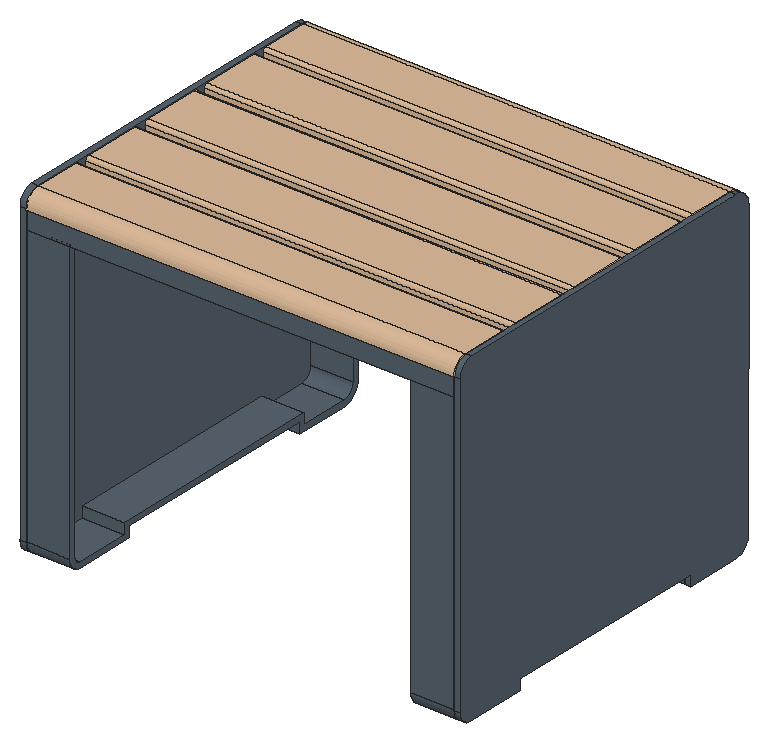
Revit family "product code 61109-S-L", category Meble, Revit 2021
Family settings
  Numer OmniClass = 23.40.20.00
  Tytuł OmniClass = General Furniture and Specialties
  Oparty na płaszczyźnie roboczej = Nie
  Zawsze pionowo = Tak
  Tnij formami wycięć po wczytaniu = Nie
  Współdzielony = Nie
  Punkt obliczania pomieszczeń = Nie
Parameters (values of type "61109-S-L")
  wood = Kobenhagen Wood - Larch
  metal = Kobenhagen RAL 5011
  Width = "50 cm"
  Weight = "30 kg"
  URL = "https://kobenhagen.com/en_US/p/Indre-By-Stool/210"
  Product line = "Indre By"
  Product Groups = "Stools"
  Producent = "Lars Laj"
  Keynote = ""
  Opis = "Indre By Stool"
  Model = "61109-S-L"
  Material = "Larch, stainless steel, powder coated steel"
  Maintenance = "We recommend to examine and tighten all screws and bolt clamps after a few weeks’ use. In order to prevent cracks and to extend the life of the wood, it is recommended that the wood details should be oiled every 3-5 years."
  Lenght = "60 cm"
  Type Comments = ""
  Kobenhagen Materials = "larslaj.com/bim"
  Hosted on larslaj.com = "https://larslaj.com/bim"
  Height = "45 cm"
  Domyślna rzędna = 0 mm
  Copyright = "All designs and drawings are the intellectual property of Lars Laj A/S and are protected by Danish and international copyright laws."
Reference planes
  plane 1 "front": y = 0
  plane 2: z = 0
  plane 3 "Środek (Lewa/Prawa)": x = 0
  plane 4 "left": x = -296.25
  plane 5 "right": x = 295
  plane 6 "back": y = 575.242
  plane 7: x = -236.25
  plane 8: x = 235
Forms (mm)
  Extrusion 1, solid, material "Kobenhagen Wood - Larch" <- "wood"
    sketch origin (0, -0.031, 21.46) x (0, 1, 0) y (0, 0, 1)
      loop
        arc (260.118, 430.04) -> (256.583, 428.576) -> (255.118, 425.04) r 5
        line (255.118, 425.04) -> (255.118, 388.972)
        arc (255.118, 388.972) -> (255.693, 387.586) -> (257.078, 387.012) r 1.96
        line (257.078, 387.012) -> (342.493, 387.012)
        arc (342.493, 387.012) -> (343.908, 387.598) -> (344.493, 389.012) r 2
        line (344.493, 389.012) -> (344.493, 425.04)
        arc (344.493, 425.04) -> (343.029, 428.576) -> (339.493, 430.04) r 5
        line (339.493, 430.04) -> (260.118, 430.04)
    from -296.25 to 295
  Extrusion 2, solid, material "Kobenhagen Wood - Larch" <- "wood"
    sketch origin (0, -102.48, 21.46) x (0, 1, 0) y (0, 0, 1)
      loop
        arc (260.118, 430.04) -> (256.583, 428.576) -> (255.118, 425.04) r 5
        line (255.118, 425.04) -> (255.118, 388.972)
        arc (255.118, 388.972) -> (255.693, 387.586) -> (257.078, 387.012) r 1.96
        line (257.078, 387.012) -> (342.493, 387.012)
        arc (342.493, 387.012) -> (343.908, 387.598) -> (344.493, 389.012) r 2
        line (344.493, 389.012) -> (344.493, 425.04)
        arc (344.493, 425.04) -> (343.029, 428.576) -> (339.493, 430.04) r 5
        line (339.493, 430.04) -> (260.118, 430.04)
    from -296.25 to 295
  Extrusion 3, solid, material "Kobenhagen Wood - Larch" <- "wood"
    sketch origin (0, -204.98, 21.46) x (0, 1, 0) y (0, 0, 1)
      loop
        arc (275.801, 430.04) -> (261.497, 424.045) -> (255.743, 409.642) r 20.061
        line (255.743, 409.642) -> (258.916, 409.642) -> (258.916, 387.013) -> (343.118, 387.013)
        arc (343.118, 387.013) -> (344.532, 387.598) -> (345.117, 389.012) r 1.999
        line (345.117, 389.012) -> (345.117, 425.043)
        arc (345.117, 425.043) -> (343.653, 428.577) -> (340.119, 430.04) r 4.998
        line (340.119, 430.04) -> (275.801, 430.04)
    from -296.25 to 295
  Extrusion 4, solid, material "Kobenhagen Wood - Larch" <- "wood"
    sketch origin (0, 102.52, 22.625) x (0, 1, 0) y (0, 0, 1)
      loop
        arc (260.118, 428.875) -> (256.583, 427.411) -> (255.118, 423.875) r 5
        line (255.118, 423.875) -> (255.118, 387.807)
        arc (255.118, 387.807) -> (255.693, 386.421) -> (257.078, 385.847) r 1.96
        line (257.078, 385.847) -> (342.493, 385.847)
        arc (342.493, 385.847) -> (343.908, 386.433) -> (344.493, 387.847) r 2
        line (344.493, 387.847) -> (344.493, 423.875)
        arc (344.493, 423.875) -> (343.029, 427.411) -> (339.493, 428.875) r 5
        line (339.493, 428.875) -> (260.118, 428.875)
    from -296.25 to 295
  Extrusion 5, solid, material "Kobenhagen RAL 5011" <- "metal", not visible
    sketch origin (0, 0, 0) x (0, 1, 0) y (0, 0, 1)
      loop
        arc (71.187, 451.5) -> (57.045, 445.642) -> (51.187, 431.5) r 20
        line (51.187, 431.5) -> (51.187, 18.231)
        arc (51.187, 18.231) -> (56.527, 5.34) -> (69.418, 0) r 18.231
        line (69.418, 0) -> (153.638, 0) -> (153.638, 15) -> (448.638, 15) -> (448.638, 0) -> (527.023, 0)
        arc (527.023, 0) -> (542.307, 6.331) -> (548.638, 21.615) r 21.615
        line (548.638, 21.615) -> (548.638, 429.407)
        arc (548.638, 429.407) -> (542.168, 445.029) -> (526.545, 451.5) r 22.093
        line (526.545, 451.5) -> (71.187, 451.5)
    from 750.378 to 745
  Extrusion 6, solid, material "Kobenhagen RAL 5011" <- "metal", not visible
    sketch origin (0, 0, 0) x (0, 1, 0) y (0, 0, 1)
      loop
        line (548.638, 396.844) -> (629.375, 854.725) -> (601.836, 859.581)
        arc (601.836, 859.581) -> (585.224, 855.898) -> (576.082, 841.547) r 22.232
        line (576.082, 841.547) -> (507.306, 451.5) -> (526.545, 451.5)
        arc (526.545, 451.5) -> (542.168, 445.029) -> (548.638, 429.407) r 22.093
        line (548.638, 429.407) -> (548.638, 396.844)
    from 745 to 750.378
  Extrusion 7, solid, material "Kobenhagen RAL 5011" <- "metal"
    sketch origin (0, 0, 0) x (0, -1, 0) y (0, 0, 1)
      loop
        line (-71.187, 451.5) -> (-526.545, 451.5)
        arc (-526.545, 451.5) -> (-542.168, 445.029) -> (-548.638, 429.407) r 22.093
        line (-548.638, 429.407) -> (-548.638, 21.615)
        arc (-548.638, 21.615) -> (-542.307, 6.331) -> (-527.023, 0) r 21.615
        line (-527.023, 0) -> (-448.638, 0) -> (-448.638, 15) -> (-153.638, 15) -> (-153.638, 0) -> (-69.418, 0)
        arc (-69.418, 0) -> (-56.527, 5.34) -> (-51.187, 18.231) r 18.231
        line (-51.187, 18.231) -> (-51.187, 431.5)
        arc (-51.187, 431.5) -> (-57.045, 445.642) -> (-71.187, 451.5) r 20
    from 304.767 to 296.25
  Extrusion 8, solid, material "Kobenhagen RAL 5011" <- "metal"
    sketch origin (0, 0, 0) x (0, 1, 0) y (0, 0, 1)
      loop
        line (548.638, 23.296) -> (548.638, 408.472) -> (51.187, 408.472) -> (51.187, 18.763)
        arc (51.187, 18.763) -> (56.683, 5.495) -> (69.95, 0) r 18.763
        line (69.95, 0) -> (153.638, 0) -> (153.638, 15) -> (448.638, 15) -> (448.638, 0) -> (525.342, 0)
        arc (525.342, 0) -> (541.815, 6.823) -> (548.638, 23.296) r 23.296
      loop
        line (58.687, 400.262) -> (58.687, 18.763)
        arc (58.687, 18.763) -> (61.986, 10.799) -> (69.95, 7.5) r 11.263
        line (69.95, 7.5) -> (146.138, 7.5) -> (146.138, 22.5) -> (456.138, 22.5) -> (456.138, 7.5) -> (525.342, 7.5)
        arc (525.342, 7.5) -> (536.512, 12.127) -> (541.138, 23.296) r 15.796
        line (541.138, 23.296) -> (541.138, 400.262) -> (58.687, 400.262)
    from -296.25 to -236.25
  Extrusion 9, solid, material "Kobenhagen RAL 5011" <- "metal"
    sketch origin (0, 0, 0) x (0, 1, 0) y (0, 0, 1)
      loop
        line (53.936, 431.102) -> (51.187, 431.102) -> (51.187, 406.102) -> (75.536, 406.102) -> (75.536, 408.472) -> (53.936, 408.472) -> (53.936, 431.102)
    from -296.25 to 295
  Extrusion 10, solid, material "Kobenhagen Wood - Larch" <- "wood"
    sketch origin (0, 804.004, 21.46) x (0, -1, 0) y (0, 0, -1)
      loop
        line (275.801, -430.04) -> (340.119, -430.04)
        arc (340.119, -430.04) -> (343.653, -428.577) -> (345.117, -425.043) r 4.998
        line (345.117, -425.043) -> (345.117, -389.012)
        arc (345.117, -389.012) -> (344.532, -387.598) -> (343.118, -387.013) r 1.999
        line (343.118, -387.013) -> (258.705, -387.013) -> (258.705, -409.642) -> (255.743, -409.642)
        arc (255.743, -409.642) -> (261.497, -424.045) -> (275.801, -430.04) r 20.061
    from -296.25 to 295
  Extrusion 11, solid, material "Kobenhagen RAL 5011" <- "metal"
    sketch origin (-600, 0, 0) x (0, -1, 0) y (0, 0, -1)
      loop
        arc (-71.187, -451.5) -> (-57.045, -445.642) -> (-51.187, -431.5) r 20
        line (-51.187, -431.5) -> (-51.187, -18.231)
        arc (-51.187, -18.231) -> (-56.527, -5.34) -> (-69.418, 0) r 18.231
        line (-69.418, 0) -> (-153.638, 0) -> (-153.638, -15) -> (-448.638, -15) -> (-448.638, 0) -> (-527.023, 0)
        arc (-527.023, 0) -> (-542.307, -6.331) -> (-548.638, -21.615) r 21.615
        line (-548.638, -21.615) -> (-548.638, -429.407)
        arc (-548.638, -429.407) -> (-542.168, -445.029) -> (-526.545, -451.5) r 22.093
        line (-526.545, -451.5) -> (-71.187, -451.5)
    from 903.45 to 895
  Extrusion 12, solid, material "Kobenhagen RAL 5011" <- "metal"
    sketch origin (-600, 0, 0) x (0, 1, 0) y (0, 0, -1)
      loop
        arc (548.638, -23.296) -> (541.815, -6.823) -> (525.342, 0) r 23.296
        line (525.342, 0) -> (448.638, 0) -> (448.638, -15) -> (153.638, -15) -> (153.638, 0) -> (69.95, 0)
        arc (69.95, 0) -> (56.683, -5.495) -> (51.187, -18.763) r 18.763
        line (51.187, -18.763) -> (51.187, -408.472) -> (548.638, -408.472) -> (548.638, -23.296)
      loop
        line (58.687, -400.262) -> (541.138, -400.262) -> (541.138, -23.296)
        arc (541.138, -23.296) -> (536.512, -12.127) -> (525.342, -7.5) r 15.796
        line (525.342, -7.5) -> (456.138, -7.5) -> (456.138, -22.5) -> (146.138, -22.5) -> (146.138, -7.5) -> (69.95, -7.5)
        arc (69.95, -7.5) -> (61.986, -10.799) -> (58.687, -18.763) r 11.263
        line (58.687, -18.763) -> (58.687, -400.262)
    from -895 to -835
  Extrusion 13, solid, material "Kobenhagen RAL 5011" <- "metal"
    sketch origin (0, 599.862, -0.238) x (0, -1, 0) y (0, 0, -1)
      loop
        line (53.936, -431.102) -> (53.936, -408.472) -> (75.536, -408.472) -> (75.536, -406.102) -> (51.187, -406.102) -> (51.187, -431.102) -> (53.936, -431.102)
    from -296.25 to 295
Lines and regions (mm)
  model lines, style "9"
    curve 1: line (264.233, -99.489, 0) -> (264.233, -93.489, 0)
    curve 2: line (264.233, -399.489, 0) -> (264.233, -405.489, 0)
    curve 3: line (-304.767, -99.489, 0) -> (-304.767, -93.489, 0)
    curve 4: line (-304.767, -399.489, 0) -> (-304.767, -405.489, 0)
    curve 5: line (-281.767, -99.489, 0) -> (-281.767, -93.489, 0)
    curve 6: line (-281.767, -399.489, 0) -> (-281.767, -405.489, 0)
Dimensions and locks
  Extrusion 1 sketch curve to Extrusion 1 sketch curve = 89.375 mm
  Extrusion 1 sketch curve to Extrusion 1 sketch curve = 43.028 mm
  Extrusion 2 sketch curve to Extrusion 2 sketch curve = 89.375 mm
  Extrusion 2 sketch curve to Extrusion 2 sketch curve = 43.028 mm
  Extrusion 3 sketch curve to Extrusion 3 sketch curve = 43.028 mm
  Extrusion 4 sketch curve to Extrusion 4 sketch curve = 89.375 mm
  Extrusion 4 sketch curve to Extrusion 4 sketch curve = 43.028 mm
  Extrusion 10 sketch curve to Extrusion 10 sketch curve = 43.028 mm
  aligned and locked: level to plane 2
  aligned and locked: plane 5 "right" to Extrusion 1
  aligned and locked: Extrusion 1 to plane 4 "left"
  aligned and locked: plane 5 "right" to Extrusion 4
  aligned and locked: plane 5 "right" to Extrusion 2
  aligned and locked: plane 5 "right" to Extrusion 3
  aligned and locked: Extrusion 4 to plane 4 "left"
  aligned and locked: Extrusion 2 to plane 4 "left"
  aligned and locked: Extrusion 3 to plane 4 "left"
  aligned and locked: plane 4 "left" to Extrusion 7
  aligned and locked: Extrusion 8 to plane 4 "left"
  aligned and locked: plane 7 to Extrusion 8
  aligned and locked: Extrusion 9 to plane 4 "left"
  aligned and locked: plane 5 "right" to Extrusion 9
